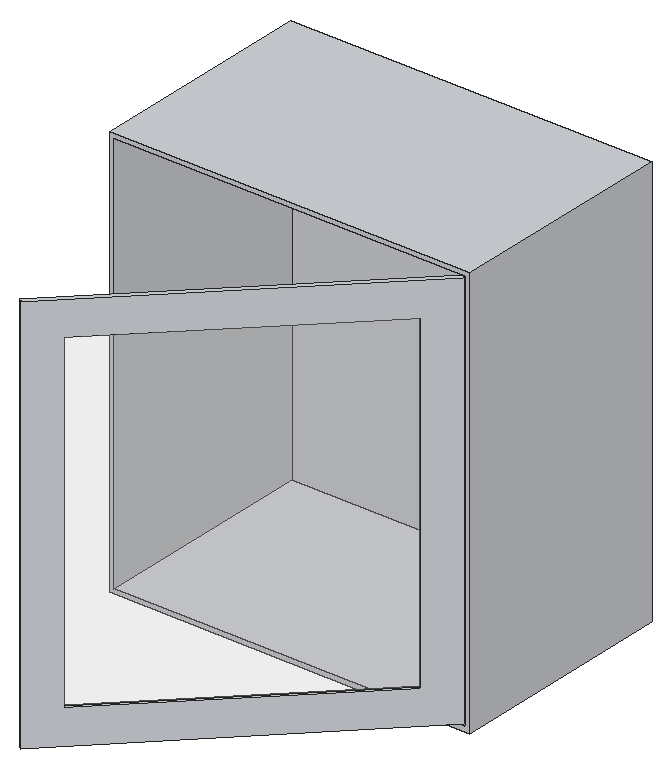
Revit family "Hager-Pedro-vuoto-NoHosted-IT-it", category Electrical Equipment, Revit 2020
Family settings
  Panel Configuration = Two Columns, Circuits Across
  Round Connector Dimension = Use Diameter
  Part Type = Panelboard
  Work Plane-Based = Yes
  Always vertical = Yes
  Cut with Voids When Loaded = No
  Shared = No
  Room Calculation Point = No
Parameters (values of type "A parete IP66 L264.7 A302.8 P167  Unità di divisione - B04621")
  Width Control [instance] = if([HG000006 - Ad incasso], if([EF000846 - larghezza di montaggio] > min_whd, [EF000846 - larghezza di montaggio], min_whd), if([EF000008 - Larghezza] > min_whd, ([EF000008 - Larghezza]), min_whd))  # 265 mm
  Void Depth [instance] = if([EF000218 - profondità di incasso] > 1 mm, [EF000218 - profondità di incasso], 1 mm)  # 1 mm
  Type Comments = [HG000003 - Gamma]  # "Pedro"
  System Height [instance] = Height Control - 2 * [HG000005 - Spessore]  # 297 mm
  Panel Name [instance] = ""  # (empty or 0)
  Offset [instance] = 0 mm
  Model = [HG000004 - Codice produttore]  # "B04621"
  Level Offset [instance] = [Flush Mounted - Door Frame Width] + Offset  # 0 mm
  HG000017 - Distanza tra i poli = 18 mm
  HG000016 - Visibilità delle porte nella vista 3D [instance] = yes
  HG000015 - Visibilità attraverso la porta [instance] = no
  HG000014 - Porta destra [instance] = yes
  HG000013 - Porta sinistra [instance] = not([HG000014 - Porta destra])  # no
  HG000012 - Angolo di apertura della porta [instance] = 45.00°
  HG000011 - File vuote nella parte basse = no
  HG000010 - Porte asimmetriche = no
  HG000009 - Porta doppia a battente = no
  HG000008 - Numero di file vuote = 0
  HG000007 - Numero di colonne vuote = 0
  HG000006 - Ad incasso = no
  HG000005 - Spessore = 3 mm  # constant formula
  HG000004 - Codice produttore = "B04621"
  HG000003 - Gamma = "Pedro"
  HG000002 - Con porta = yes
  HG000001 - Numero di colonne = 0
  EF015941 - Segnale di passaggio porta = no
  EF015777 - Morsettiera neutra = no
  EF015776 - Morsettiera di terra = no
  EF009212 - esecuzione coperchio = "EV000116 - chiuso"
  EF006306 - con serratura = yes
  EF006244 - coperchio/porta trasparente = yes
  EF005474 - grado di protezione (IP) = "EV006422 - IP66"
  EF004462 - tipo di chiusura = "EV000154 - altri"
  EF002950 - Numero moduli DIN = 0
  EF001596 - Attacco Lampada = "EV000139 - plastica"
  EF001134 - barra DIN = no
  EF001131 - profondità interna = 137 mm
  EF001088 - possibilità di applicazione = yes
  EF001062 - esecuzione EMC = yes
  EF000846 - larghezza di montaggio = 0 mm
  EF000339 - tipo di copertura = "EV004216 - porta"
  EF000332 - Altezza della parte incassata = 0 mm
  EF000266 - numero di file = 0
  EF000218 - profondità di incasso = 0 mm
  EF000118 - con piastra di montaggio = no
  EF000116 - numero RAL = "7035"
  EF000049 - profondità = 167 mm
  EF000040 - Altezza = 303 mm
  EF000008 - Larghezza = 265 mm
  EF000007 - colore = "EV000270 - grigio"
  EF000003 - Tipo di montaggio = "EV000384 - A parete"
  Description = ""
  Default Elevation = 1219.2 mm
  Arrow Offset [instance] = Depth Control / 8  # 20.875 mm
  Arrow Height [instance] = Depth Control - Arrow Offset  # 146.125 mm
  Host Offset [instance] = if([HG000006 - Ad incasso], 0 mm, [EF000049 - profondità])  # 167 mm
  min_whd [instance] = (2 * [HG000005 - Spessore]) + 1 mm  # 7 mm
  Manufacturer = "Hager"  # constant formula
  Height Control [instance] = if([HG000006 - Ad incasso], if([EF000332 - Altezza della parte incassata] > min_whd, [EF000332 - Altezza della parte incassata], min_whd), if([EF000040 - Altezza] > min_whd, ([EF000040 - Altezza]), min_whd))  # 303 mm
  Flush Mounted - Door Frame Width [instance] = if(([EF000040 - Altezza] - [EF000332 - Altezza della parte incassata]) > 0 mm, if([HG000006 - Ad incasso], [EF000040 - Altezza] - [EF000332 - Altezza della parte incassata], 0 mm), 0 mm)  # 0 mm
  Depth Control [instance] = if([HG000006 - Ad incasso], if([EF000218 - profondità di incasso] > 0 mm, [EF000218 - profondità di incasso], 1 mm), if([EF000049 - profondità] > 0 mm, ([EF000049 - profondità]), 1 mm))  # 167 mm
Types (2, lengths in mm): name | Model | HG000004 - Codice produttore | EF006244 - coperchio/porta trasparente
  A parete IP66 L264.7 A302.8 P167  Unità di divisione - B04601 | "B04601" | "B04601" | no
  A parete IP66 L264.7 A302.8 P167  Unità di divisione - B04621 | "B04621" | "B04621" | yes
Reference planes
  plane 1 "Center (Front/Back)": y = 0
  plane 2: z = 0
  plane 3 "Center (Left/Right)": x = 0
  plane 4: y = 3
  plane 5: y = 0
  plane 6: y = 0
  plane 7: z = 0
  plane 8: x = -132.5
  plane 9: x = 132.5
  plane 10: x = 129.5
  plane 11: x = -129.5
  plane 12: z = 0
  plane 13: z = 3
  plane 14: y = -162
  plane 15: y = -167
  plane 16: y = -3
  plane 17: z = 300
  plane 18: z = 303
  plane 19: z = 151.5
  plane 20: x = 0
  plane 21: y = -100
Forms (mm)
  Extrusion 1, solid
    sketch origin (-208.679, -4572, 0) x (-1, 0, 0) y (0, -1, 0)
      loop
        line (-76.179, -4405) -> (-341.179, -4405) -> (-341.179, -4572) -> (-76.179, -4572) -> (-76.179, -4405)
    from 0 to 303 <- "Height Control"
  Extrusion 2, void
    sketch origin (-350.771, -167, 1219.2) x (1, 0, 0) y (0, 0, 1)
      loop
        line (221.271, -919.2) -> (221.271, -1216.2) -> (480.271, -1216.2) -> (480.271, -919.2) -> (221.271, -919.2)
    from 0 to -164
  Extrusion 3, solid, detail levels coarse+medium
    sketch origin (-350.771, -167, 1219.2) x (-1, 0, 0) y (0, 0, 1)
      loop
        line (-221.271, -919.2) -> (-480.271, -919.2) -> (-480.271, -1216.2) -> (-221.271, -1216.2) -> (-221.271, -919.2)
    from 0 to 3 <- "HG000005 - Spessore"
Cuts and joins
  Extrusion 2 cuts Extrusion 1
Dimensions and locks
  "Flush Mounted - Door Frame Width": plane 1 "Center (Front/Back)" to plane 6
  "HG000005 - Spessore": plane 4 to plane 6
  "HG000005 - Spessore": plane 8 to plane 11
  "HG000005 - Spessore": plane 9 to plane 10
  equal spacing: plane 8, plane 3 "Center (Left/Right)", plane 9
  "Width Control": plane 8 to plane 9
  locked: plane 14 to plane 15 at 5
  "Host Offset": plane 1 "Center (Front/Back)" to plane 15
  "Depth Control": plane 5 to plane 15
  "HG000005 - Spessore": plane 5 to plane 16
  "HG000005 - Spessore": plane 13 to plane 12
  "Level Offset": plane 12 to level
  "HG000005 - Spessore": plane 18 to plane 17
  "Height Control": plane 18 to plane 12
  "Arrow Offset": plane 5 to nested 4
  equal spacing: plane 18, plane 19, plane 12
  locked: connector elem to plane 19
  locked: connector elem to plane 3 "Center (Left/Right)"
  aligned and locked: nested 1 to plane 14
  aligned and locked: plane 3 "Center (Left/Right)" to nested 1
  aligned and locked: plane 3 "Center (Left/Right)" to nested 2
  aligned and locked: nested 2 to plane 15
  aligned and locked: plane 5 to Extrusion 1
  aligned and locked: Extrusion 3 sketch curve to plane 17
  aligned and locked: Extrusion 3 sketch curve to plane 11
  aligned and locked: plane 13 to Extrusion 3 sketch curve
  aligned and locked: Extrusion 3 sketch curve to plane 10
  aligned and locked: plane 13 to Extrusion 2 sketch curve
  aligned and locked: Extrusion 2 sketch curve to plane 10
  aligned and locked: Extrusion 2 sketch curve to plane 17
  aligned and locked: Extrusion 2 sketch curve to plane 11
  aligned and locked: plane 16 to Extrusion 2
  aligned and locked: plane 5 to Extrusion 1 sketch curve
  aligned and locked: plane 9 to Extrusion 1 sketch curve
  aligned and locked: plane 8 to Extrusion 1 sketch curve
  aligned and locked: plane 8 to nested 4
  aligned and locked: plane 8 to nested 3
  aligned and locked: nested 3 to plane 5
  aligned and locked: Extrusion 1 sketch curve to plane 15
  aligned and locked: Extrusion 2 to plane 15
Nested families
  nested 1: "Hager_Enclosure_System" at (0, -162, 3), Flush_Mounted <- "HG000006 - Ad incasso", Width <- "EF000008 - Larghezza", Height <- "System Height", Width_Control <- "Width Control", Row_Module_Multiplicator <- "EF002950 - Numero moduli DIN", Empty_Columns <- "HG000007 - Numero di colonne vuote", Built-in_Width <- "EF000846 - larghezza di montaggio", Border <- "HG000005 - Spessore", Total_No_Empty_Rows <- "HG000008 - Numero di file vuote", Depth <- "HG000005 - Spessore", Empty_Rows_From_Bottom <- "HG000011 - File vuote nella parte basse", Distance_Between_Poles <- "HG000017 - Distanza tra i poli", Rows_Count <- "EF000266 - numero di file", Columns_Count <- "HG000001 - Numero di colonne", type "Hager_Enclosure_System", detail levels medium+fine
    with Width_Control 265 mm, Width 265 mm, Total_No_Rows 0, Total_No_Empty_Rows 0, Total_No_Columns 1, System_Width 259 mm, Rows_Count 0, Rows_Column 0, Row_Module_Multiplicator 0, Panel_4 no, Panel_3 no, Panel_2 no, Panel_1 no, No_Panels_Ctrl 1, Hide_Columns yes, Height 297 mm, Flush_Mounted no, Empty_Rows_From_Bottom no, Empty_Rows_Column 0, Empty_Columns 0, Distance_Between_Poles 18 mm, Depth 3 mm, Columns_Count 0, Column_Width 259 mm, Built-in_Width 0 mm, Border 3 mm
  nested 2: "Hager_Enclosure_Door" at (0, -167, 0), Double <- "HG000009 - Porta doppia a battente", Height_Ctrl <- "Height Control", Transparent <- "EF006244 - coperchio/porta trasparente", Depth <- "EF000049 - profondità", Height <- "EF000040 - Altezza", Angle <- "HG000012 - Angolo di apertura della porta", Door_Right <- "HG000014 - Porta destra", Assymetrical <- "HG000010 - Porte asimmetriche", Flush_Mounted <- "HG000006 - Ad incasso", BuiltIn_Depth <- "EF000218 - profondità di incasso", BuiltIn_Width <- "EF000846 - larghezza di montaggio", Door <- "HG000002 - Con porta", Width_Ctrl <- "Width Control", 3d_Door <- "HG000016 - Visibilità delle porte nella vista 3D", Width <- "EF000008 - Larghezza", Border <- "HG000005 - Spessore", BuiltIn_Height <- "EF000332 - Altezza della parte incassata", Clearance <- "HG000015 - Visibilità attraverso la porta", Door_Left <- "HG000013 - Porta sinistra", type "Hager_Enclosure_Door", detail levels medium+fine
    with min_wh 7 mm, Width_Ctrl 265 mm, Width 265 mm, Transparent_Door_No_Bottom_Border no, Transparent yes, Leaf_Width 256 mm, Leaf_Tolerance 1.5 mm, Leaf_Height 294 mm, Leaf_2_Width 256 mm, Leaf_2_Offset 128 mm, Leaf_1_Width 256 mm, Leaf_1_Offset 128 mm, Height_Ctrl 303 mm, Height 303 mm, Frame_Width_Ctrl 265 mm, Frame_Width 265 mm, Frame_Internal_Offset 0 mm, Frame_Height_Ctrl 303 mm, Frame_Height 303 mm, Frame_Depth_Ctrl 1 mm, Frame_Depth 0 mm, Flush_Mounted no, Double_Clearance_Ctrl no, Double no, Door_Right_Ctrl yes, Door_Right yes, Door_Left_Ctrl no, Door_Left no, Door yes, Depth 167 mm, Clearance_Depth 256 mm, Clearance_Ctrl no, Clearance no, BuiltIn_Width 0 mm, BuiltIn_Height 0 mm, BuiltIn_Depth 0 mm, Border 3 mm, Assymetrical no, Angle 45.00°, 3d_Door yes
  nested 3: "Hager_Enclosure_Symbol_Triangle" at (-132.5, 0, 0), Depth <- "Depth Control", Width <- "Width Control", type "Hager_Enclosure_Symbol_Triangle"
    with Width_Ctrl 265 mm, Width 265 mm, Depth_Ctrl 167 mm, Depth 167 mm
  nested 4: "Hager_Enclosure_Symbol_Arrow" at (-132.5, -20.875, 0), Height <- "Arrow Height", type "Hager_Enclosure_Symbol_Arrow"
    with Width_Inside 10.959 mm, Width 131.513 mm, Height_Ctrl 146.125 mm, Height 146.125 mm
Connectors
  electrical at (0, 0, 151.5)
    settings: on plane 5, index 1, voltage 0 V, apparent load 0 VA, apparent load phase1 0 VA, apparent load phase2 0 VA, apparent load phase3 0 VA, power factor 1, load classification "Other", number of poles 1, system type 30, power factor state 1, is connector primary yes, connector utility no, sub classification motor no, connector description ""
Definition of nested family "Hager_Enclosure_Door"
  Parameters (values of type "Hager_Enclosure_Door")
    min_wh [instance] = (2 * Border) + 1 mm  # 11 mm
    Width_Ctrl [instance] = 400 mm
    Width [instance] = 500 mm
    Transparent_Door_No_Bottom_Border [instance] = no
    Transparent [instance] = yes
    Leaf_Width [instance] = if((Width_Ctrl - 2 * Border - 2 * Leaf_Tolerance) > 0 mm, (Width_Ctrl - 2 * Border - 2 * Leaf_Tolerance), min_wh)  # 387 mm
    Leaf_Tolerance [instance] = 1.5 mm  # constant formula
    Leaf_Height [instance] = if((Height_Ctrl - 2 * Border - 2 * Leaf_Tolerance) > 0 mm, (Height_Ctrl - 2 * Border - 2 * Leaf_Tolerance), min_wh)  # 387 mm
    Leaf_2_Width [instance] = if(and(and(Double, Assymetrical), Door_Left), (Leaf_Width / 3) - (Leaf_Tolerance / 2), if(and(and(Double, Assymetrical), Door_Right), (Leaf_Width / 3) * 2 - (Leaf_Tolerance / 2), if(and(Double, not(Assymetrical)), (Leaf_Width / 2) - Leaf_Tolerance, Leaf_Width)))  # 387 mm
    Leaf_2_Offset [instance] = if(and(Double, Assymetrical), Leaf_2_Width / 2, if(and(Double, not(Assymetrical)), Leaf_Width / 4, Leaf_Width / 2))  # 193.5 mm
    Leaf_1_Width [instance] = if(and(and(Double, Assymetrical), Door_Right), (Leaf_Width / 3) - (Leaf_Tolerance / 2), if(and(and(Double, Assymetrical), Door_Left), (Width / 3) * 2 - (Leaf_Tolerance / 2), if(and(Double, not(Assymetrical)), (Leaf_Width / 2) - Leaf_Tolerance, Leaf_Width)))  # 387 mm
    Leaf_1_Offset [instance] = if(and(Double, Assymetrical), Leaf_1_Width / 2, if(and(Double, not(Assymetrical)), Leaf_Width / 4, Leaf_Width / 2))  # 193.5 mm
    Height_Ctrl [instance] = 400 mm
    Height [instance] = 500 mm
    Frame_Width_Ctrl [instance] = if(Frame_Width > 0 mm, Frame_Width, 1 mm)  # 1 mm
    Frame_Width [instance] = Width - BuiltIn_Width  # 0 mm
    Frame_Internal_Offset [instance] = if(Flush_Mounted, Border, 0 mm)  # 5 mm
    Frame_Height_Ctrl [instance] = if(Frame_Height > 0 mm, Frame_Height, 1 mm)  # 1 mm
    Frame_Height [instance] = Height - BuiltIn_Height  # 0 mm
    Frame_Depth_Ctrl [instance] = if(Frame_Depth > 0 mm, Frame_Depth, 1 mm)  # 1 mm
    Frame_Depth [instance] = if(Depth - BuiltIn_Depth > 0 mm, if(Flush_Mounted, Depth - BuiltIn_Depth, 0 mm), 0 mm)  # 0 mm
    Flush_Mounted [instance] = yes
    Double_Clearance_Ctrl [instance] = and(Double, Clearance)  # no
    Double [instance] = no
    Door_Right_Ctrl [instance] = and(or(Door_Right, Double), Door)  # yes
    Door_Right [instance] = yes
    Door_Left_Ctrl [instance] = and(or(Door_Left, Double), Door)  # no
    Door_Left [instance] = no
    Door [instance] = yes
    Depth [instance] = 500 mm
    Default Elevation = 1219.2 mm
    Clearance_Material = none
    Clearance_Depth [instance] = if(Leaf_1_Width > Leaf_2_Width, Leaf_1_Width, Leaf_2_Width)  # 387 mm
    Clearance_Ctrl [instance] = and(not(Double), Clearance)  # yes
    Clearance [instance] = yes
    BuiltIn_Width [instance] = 500 mm
    BuiltIn_Height [instance] = 500 mm
    BuiltIn_Depth [instance] = 500 mm
    Border [instance] = 5 mm
    Assymetrical [instance] = yes
    Angle [instance] = 30.00°
    3d_Door [instance] = yes
  Reference planes
    plane 1 "Center (Front/Back)": y = 0
    plane 2 "Bottom": z = 0
    plane 3 "Center (Left/Right)": x = 0
    plane 4: z = 400
    plane 5: x = -200
    plane 6: x = 200
    plane 7: z = 395
    plane 8: x = -195
    plane 9: z = 5
    plane 10: x = 195
    plane 11: y = 0
    plane 12: z = 6.5
    plane 13: x = -582
    plane 14: y = -387
    plane 15: x = 582
    plane 16: x = 0
    plane 17: x = 0
    plane 18: x = -193.5
    plane 19: x = 193.5
    plane 20: z = 393.5
  Forms (mm)
    Extrusion 1, solid, visible <- "Flush_Mounted"
      sketch origin (0, 0, 0) x (1, 0, 0) y (0, 0, 1)
        loop
          line (195, 5) -> (195, 395) -> (-195, 395) -> (-195, 5) -> (195, 5)
        loop
          line (-201, 401) -> (-201, -1) -> (201, -1) -> (201, 401) -> (-201, 401)
      from 0 to 1 <- "Frame_Depth_Ctrl"
    Extrusion 2, solid, material <- "Clearance_Material", visible <- "Double_Clearance_Ctrl"
      sketch origin (1200, 0, 0) x (1, 0, 0) y (0, 0, -1)
        loop
          line (-1782, -393.5) -> (-618, -393.5) -> (-618, 0) -> (-1782, 0) -> (-1782, -393.5)
      from 0 to -387
  Dimensions and locks
    equal spacing: plane 5, plane 3 "Center (Left/Right)", plane 6
    "Width_Ctrl": plane 5 to plane 6
    "Border": plane 5 to plane 8
    "Border": plane 6 to plane 10
    "Border": plane 9 to level
    "Border": plane 4 to plane 7
    "Height_Ctrl": plane 4 to level
    "Leaf_Tolerance": plane 12 to plane 9
    "Frame_Depth": plane 11 to plane 1 "Center (Front/Back)"
    "Frame_Width_Ctrl": plane 5 to Extrusion 1 sketch curve
    "Frame_Width_Ctrl": plane 6 to Extrusion 1 sketch curve
    "Frame_Width_Ctrl": Extrusion 1 sketch curve to plane 4
    "Frame_Width_Ctrl": plane 2 "Bottom" to Extrusion 1 sketch curve
    "Leaf_1_Offset": plane 18 to plane 16
    "Leaf_2_Offset": plane 17 to plane 19
    "Leaf_1_Width": plane 13 to plane 8
    "Leaf_2_Width": plane 10 to plane 15
    "Clearance_Depth": plane 14 to plane 1 "Center (Front/Back)"
    "Leaf_Tolerance": plane 8 to plane 18
    "Leaf_Tolerance": plane 19 to plane 10
    "Leaf_Tolerance": plane 7 to plane 20
    "Frame_Internal_Offset": plane 5 to Extrusion 1 sketch curve
    "Frame_Internal_Offset": Extrusion 1 sketch curve to plane 2 "Bottom"
    "Frame_Internal_Offset": plane 6 to Extrusion 1 sketch curve
    "Frame_Internal_Offset": plane 4 to Extrusion 1 sketch curve
    aligned and locked: level to plane 2 "Bottom"
    aligned and locked: nested 1 to plane 16
    aligned and locked: nested 2 to plane 17
    aligned and locked: Extrusion 2 to plane 13
    aligned and locked: plane 15 to Extrusion 2
    aligned and locked: Extrusion 2 to plane 14
    aligned and locked: plane 12 to nested 1
    aligned and locked: nested 2 to plane 12
    aligned and locked: Extrusion 2 to plane 11
    aligned and locked: plane 20 to Extrusion 2
    aligned and locked: nested 2 to plane 11
    aligned and locked: nested 1 to plane 11
  Automatic sketch dimensions
    Extrusion 2 sketch curve to level = 0 mm
    plane 5 to Extrusion 2 sketch curve = 382 mm
    plane 6 to Extrusion 2 sketch curve = 382 mm
    Extrusion 2 sketch curve to plane 4 = 6.5 mm
  Nested families
    nested 1: "Hager_Enclosure_Door_Leaf" at (0, 0, 6.5), Width <- "Leaf_1_Width", visible <- "Door_Left_Ctrl", Leaf_Height <- "Leaf_Height", Angle <- "Angle", Depth <- "Border", 3d_Door <- "3d_Door", Transparent <- "Transparent", Clearance Material <- "Clearance_Material", Clearance <- "Clearance_Ctrl", Transparent_Door_No_Bottom_Border <- "Transparent_Door_No_Bottom_Border", type "Hager_Enclosure_Door_Leaf"
      with Width 387 mm, Transparent_Door_No_Bottom_Border no, Transparent_Door_Border_Bottom_Top 25 mm, Transparent_Door_Border 25 mm, Transparent_Ctrl yes, Transparent yes, Standard no, Leaf_Height 387 mm, Glass_Offset 1 mm, Depth 5 mm, Clearance Material none, Clearance yes, Angle_Ctrl 30.00°, Angle 30.00°, 3d_Door yes
    nested 2: "Hager_Enclosure_Door_Leaf" at (0, 0, 6.5) x (-1, 0, 0) z (0, 0, 1), Width <- "Leaf_2_Width", visible <- "Door_Right_Ctrl", Leaf_Height <- "Leaf_Height", Angle <- "Angle", Depth <- "Border", 3d_Door <- "3d_Door", Transparent <- "Transparent", Clearance Material <- "Clearance_Material", Clearance <- "Clearance_Ctrl", Transparent_Door_No_Bottom_Border <- "Transparent_Door_No_Bottom_Border", type "Hager_Enclosure_Door_Leaf"
      with Width 387 mm, Transparent_Door_No_Bottom_Border no, Transparent_Door_Border_Bottom_Top 25 mm, Transparent_Door_Border 25 mm, Transparent_Ctrl yes, Transparent yes, Standard no, Leaf_Height 387 mm, Glass_Offset 1 mm, Depth 5 mm, Clearance Material none, Clearance yes, Angle_Ctrl 30.00°, Angle 30.00°, 3d_Door yes
  Definition of nested family "Hager_Enclosure_Door_Leaf"
    Parameters (values of type "Hager_Enclosure_Door_Leaf")
      Width [instance] = 2000 mm
      Transparent_Door_No_Bottom_Border [instance] = yes
      Transparent_Door_Border_Bottom_Top [instance] = if(Transparent_Door_No_Bottom_Border, 0.1 mm, Transparent_Door_Border)  # 0.1 mm
      Transparent_Door_Border [instance] = if(Transparent_Door_No_Bottom_Border, (Width * 0.12), 25 mm)  # 240 mm
      Transparent_Ctrl [instance] = and(Transparent, [3d_Door])  # yes
      Transparent [instance] = yes
      Standard [instance] = and(not(Transparent), [3d_Door])  # no
      Leaf_Height [instance] = 2720.336 mm
      Glass_Offset [instance] = if((Depth - 10 mm) / 2 > 0 mm, (Depth - 10 mm) / 2, 1 mm)  # 15 mm
      Glass_Material = none
      Depth [instance] = 40 mm
      Default Elevation = 0 mm
      Clearance Material [instance] = none
      Clearance [instance] = yes
      Angle_Ctrl [instance] = if(Angle > 170.00°, 170.00°, Angle)  # 45.00°
      Angle [instance] = 45.00°
      3d_Door [instance] = yes
    Reference planes
      plane 1 "Center (Front/Back)": y = 0
      plane 2: z = 0
      plane 3 "Center (Left/Right)": x = 0
      plane 4: y = 2000
      plane 5: x = -1000
      plane 6: x = 1000
      plane 7: x = -3000
      plane 8: z = 2720.336
      plane 9: z = 0.1
      plane 10: z = 2720.236
      plane 11: x = 760
      plane 12: x = -760
    Forms (mm)
      Extrusion 1, solid, material <- "Clearance Material", visible <- "Clearance"
        sketch origin (0, 0, 0) x (1, 0, 0) y (0, 0, 1)
          loop
            line (-3000, 2720.336) -> (-3000, 0) -> (1000, 0) -> (1000, 2720.336) -> (-3000, 2720.336)
        from 0 to -2000
      Extrusion 2, solid, visible <- "Standard", detail levels medium+fine
        sketch origin (-1000, 0, 0) x (0.707107, 0.707107, 0) y (-0.707107, 0.707107, 0)
          loop
            line (0, -40) -> (2000, -40) -> (2000, 0) -> (0, 0) -> (0, -40)
        from 0 to 2720.336 <- "Leaf_Height"
      Extrusion 3, solid, visible <- "Transparent_Ctrl", detail levels medium+fine
        sketch origin (-1000, 0, 0) x (0.707107, 0.707107, 0) y (-0.707107, 0.707107, 0)
          loop
            line (0, -40) -> (2000, -40) -> (2000, 0) -> (0, 0) -> (0, -40)
        from 0 to 2720.336 <- "Leaf_Height"
      Extrusion 4, void, detail levels medium+fine
        sketch origin (-1000, 0, 0) x (-0.707107, 0.707107, 0) y (0.707107, 0.707107, 0)
          loop
            line (0, 240) -> (0, 1760) -> (-40, 1760) -> (-40, 240) -> (0, 240)
        from -2720.236 to -0.1
      Extrusion 5, solid, material <- "Glass_Material", visible <- "Transparent_Ctrl", detail levels medium+fine
        sketch origin (-1000, 0, 0) x (0.707107, 0.707107, 0) y (-0.707107, 0.707107, 0)
          loop
            line (240, -15) -> (240, -25) -> (1760, -25) -> (1760, -15) -> (240, -15)
        from 0.1 to 2720.236
    Cuts and joins
      Extrusion 4 cuts Extrusion 3
    Lines and regions (mm)
      symbolic lines
        curve 1: line (1000, 0, 0) -> (-3000, 0, 0)
        curve 2: arc (1000, 0, 0) -> (-1000, 2000, 0) -> (-3000, 0, 0) r 2000
        curve 4: line (-1000, 0, 0) -> (414.214, 1414.214, 0)
      reference lines
        curve 3: line (-1000, 0, 0) -> (414.214, 1414.214, 0)
      symbolic lines, detail levels medium+fine
        curve 5: line (414.214, 1414.214, 0) -> (442.498, 1385.929, 0)
        curve 6: line (442.498, 1385.929, 0) -> (-971.716, -28.284, 0)
        curve 7: line (-971.716, -28.284, 0) -> (-1000, 0, 0)
        curve 8: line (-1000, 0, 2720.336) -> (1000, 0, 2720.336)
        curve 9: line (-1000, 0, 0) -> (-1000, 0, 2720.336)
        curve 10: line (1000, 0, 0) -> (-1000, 0, 0)
        curve 11: line (1000, 0, 2720.336) -> (1000, 0, 0)
      symbolic lines, visible <- "Transparent_Ctrl", detail levels medium+fine
        curve 12: line (-760, 0, 2720.236) -> (760, 0, 2720.236)
        curve 13: line (-760, 0, 0.1) -> (-760, 0, 2720.236)
        curve 14: line (760, 0, 0.1) -> (-760, 0, 0.1)
        curve 15: line (760, 0, 2720.236) -> (760, 0, 0.1)
    Dimensions and locks
      "Width": plane 1 "Center (Front/Back)" to plane 4
      equal spacing: plane 5, plane 3 "Center (Left/Right)", plane 6
      "Width": plane 5 to plane 6
      "Width": plane 7 to plane 5
      "Leaf_Height": plane 8 to level
      "Depth": curve 6 to curve 3
      "Width": curve 5 to curve 3
      "Width": curve 3 to curve 3
      "Transparent_Door_Border": Extrusion 4 sketch curve to curve 7
      "Transparent_Door_Border": Extrusion 4 sketch curve to curve 5
      "Transparent_Door_Border_Bottom_Top": plane 8 to plane 10
      "Transparent_Door_Border_Bottom_Top": plane 9 to level
      "Glass_Offset": Extrusion 5 sketch curve to curve 4
      "Glass_Offset": Extrusion 5 sketch curve to curve 6
      "Transparent_Door_Border": Extrusion 5 sketch curve to curve 5
      "Transparent_Door_Border": Extrusion 5 sketch curve to curve 7
      "Transparent_Door_Border": plane 12 to plane 5
      "Transparent_Door_Border": plane 6 to plane 11
      "Angle_Ctrl": angle plane 1 "Center (Front/Back)" to curve 3
      aligned and locked: level to plane 2
      aligned and locked: Extrusion 1 to curve 1
      aligned and locked: plane 6 to Extrusion 1
      aligned and locked: Extrusion 1 to plane 1 "Center (Front/Back)"
      aligned and locked: plane 4 to Extrusion 1
      aligned and locked: plane 8 to Extrusion 1
      aligned and locked: curve 4 to curve 3
      aligned and locked: Extrusion 2 sketch curve to curve 7
      aligned and locked: Extrusion 2 sketch curve to curve 6
      aligned and locked: Extrusion 2 sketch curve to curve 5
      aligned and locked: Extrusion 2 sketch curve to curve 3
      aligned and locked: curve 7 to Extrusion 3 sketch curve
      aligned and locked: Extrusion 3 sketch curve to curve 4
      aligned and locked: Extrusion 3 sketch curve to curve 6
      aligned and locked: Extrusion 3 sketch curve to curve 5
      aligned and locked: curve 4 to Extrusion 4 sketch curve
      aligned and locked: curve 6 to Extrusion 4 sketch curve
      aligned and locked: Extrusion 4 to plane 9
      aligned and locked: Extrusion 4 to plane 10
      aligned and locked: Extrusion 5 to plane 9
      aligned and locked: Extrusion 5 to plane 10
      aligned and locked: curve 8 to plane 8
      aligned and locked: plane 5 to curve 9
      aligned and locked: plane 2 to curve 10
      aligned and locked: curve 11 to plane 6
      aligned and locked: plane 10 to curve 12
      aligned and locked: plane 12 to curve 13
      aligned and locked: curve 14 to plane 9
      aligned and locked: plane 11 to curve 15
    Automatic sketch dimensions
      plane 1 "Center (Front/Back)" to curve 2 = 0 mm
      curve 2 to plane 5 = 0 mm
      Extrusion 1 sketch curve to level = 0 mm
      Extrusion 1 sketch curve to plane 7 = 0 mm
      Extrusion 1 sketch curve to plane 6 = 0 mm
      Extrusion 1 sketch curve to plane 8 = 0 mm
      plane 1 "Center (Front/Back)" to curve 3 = 0 mm
      curve 3 to plane 5 = 0 mm
      curve 7 to curve 3 = 0 mm
Definition of nested family "Hager_Enclosure_Symbol_Triangle"
  Parameters (values of type "Hager_Enclosure_Symbol_Triangle")
    Width_Ctrl [instance] = if(Width > 1 mm, Width, 1 mm)  # 498 mm
    Width [instance] = 498 mm
    Depth_Ctrl [instance] = if(Depth > 1 mm, Depth, 1 mm)  # 72 mm
    Depth [instance] = 72 mm
  Reference planes
    plane 1 "Centre (avant/arrière)": y = 0
    plane 2: z = 0
    plane 3 "Centre (gauche/droite)": x = 0
  Lines and regions (mm)
    Filled region 1, type "Solid_Black", in view "Niveau de réf."
      outline origin (0, 0, 0) x (1, 0, 0) y (0, 1, 0)
        loop
          line (0, 0) -> (498, 0) -> (498, 72) -> (0, 0)
    reference lines, in view "Niveau de réf."
      curve 1: line (-206.153, 72, 0) -> (1083.258, 72, 0)
      curve 2: line (498, 405.456, 0) -> (498, -517.619, 0)
  Dimensions and locks
    "Depth_Ctrl": plane 1 "Centre (avant/arrière)" to curve 1
    "Width_Ctrl": plane 3 "Centre (gauche/droite)" to curve 2
    aligned and locked: curve 1 to Filled region 1 sketch curve
    aligned and locked: Filled region 1 sketch curve to plane 1 "Centre (avant/arrière)"
    aligned and locked: curve 2 to Filled region 1 sketch curve
    aligned and locked: plane 3 "Centre (gauche/droite)" to Filled region 1 sketch curve
    aligned and locked: plane 1 "Centre (avant/arrière)" to Filled region 1 sketch curve
  Automatic sketch dimensions
    curve 1 to plane 3 "Centre (gauche/droite)" = 206.153 mm
    curve 2 to curve 1 = 585.258 mm
    plane 1 "Centre (avant/arrière)" to curve 2 = 517.619 mm
    curve 2 to plane 1 "Centre (avant/arrière)" = 405.456 mm
Definition of nested family "Hager_Enclosure_Symbol_Arrow"
  Parameters (values of type "Hager_Enclosure_Symbol_Arrow")
    Width_Inside [instance] = if(Width / 12 > 2 mm, Width / 12, 2 mm)  # 4.987 mm
    Width [instance] = if(Height_Ctrl * 0.9 > 2 mm, Height_Ctrl * 0.9, 2 mm)  # 59.85 mm
    Height_Ctrl [instance] = if(Height > 2 mm, Height, 2 mm)  # 66.5 mm
    Height [instance] = 66.5 mm
  Reference planes
    plane 1 "Centre (avant/arrière)": y = 0
    plane 2: z = 0
    plane 3 "Centre (gauche/droite)": x = 0
    plane 4: x = 59.85
    plane 5: y = 28.263
    plane 6: y = 38.238
    plane 7: y = 66.5
    plane 8: x = 29.925
    plane 9: y = 33.25
  Lines and regions (mm)
    Filled region 1, type "Solid_Black", in view "Niveau de réf."
      outline origin (0, 0, 0) x (1, 0, 0) y (0, 1, 0)
        loop
          line (59.85, 66.5) -> (37.929, 52.827) -> (51.846, 41.935) -> (59.85, 66.5)
    detail lines, in view "Niveau de réf."
      curve 1: line (0, 0, 0) -> (29.925, 38.238, 0)
      curve 2: line (29.925, 38.238, 0) -> (29.925, 28.263, 0)
      curve 3: line (29.925, 28.263, 0) -> (59.85, 66.5, 0)
  Dimensions and locks
    "Width": plane 3 "Centre (gauche/droite)" to plane 4
    "Height_Ctrl": plane 7 to plane 1 "Centre (avant/arrière)"
    equal spacing: plane 3 "Centre (gauche/droite)", plane 8, plane 4
    equal spacing: plane 7, plane 9, plane 1 "Centre (avant/arrière)"
    equal spacing: plane 6, plane 9, plane 5
    "Width_Inside": plane 6 to plane 9
    equal spacing: curve 3, Filled region 1 sketch curve, Filled region 1 sketch curve
    angle Filled region 1 sketch curve to curve 3 = 20.00°
    angle curve 3 to Filled region 1 sketch curve = 20.00°
    locked: curve 3 to Filled region 1 sketch curve (angle 90.00°)
  Automatic sketch dimensions
    plane 1 "Centre (avant/arrière)" to curve 1 = 0 mm
    curve 1 to plane 3 "Centre (gauche/droite)" = 0 mm
    curve 2 to plane 6 = 0 mm
    curve 3 to plane 8 = 0 mm
    curve 3 to plane 4 = 0 mm
    curve 2 to plane 5 = 0 mm
    curve 3 to plane 7 = 0 mm
    Filled region 1 sketch curve to plane 4 = 0 mm
    Filled region 1 sketch curve to plane 7 = 0 mm
